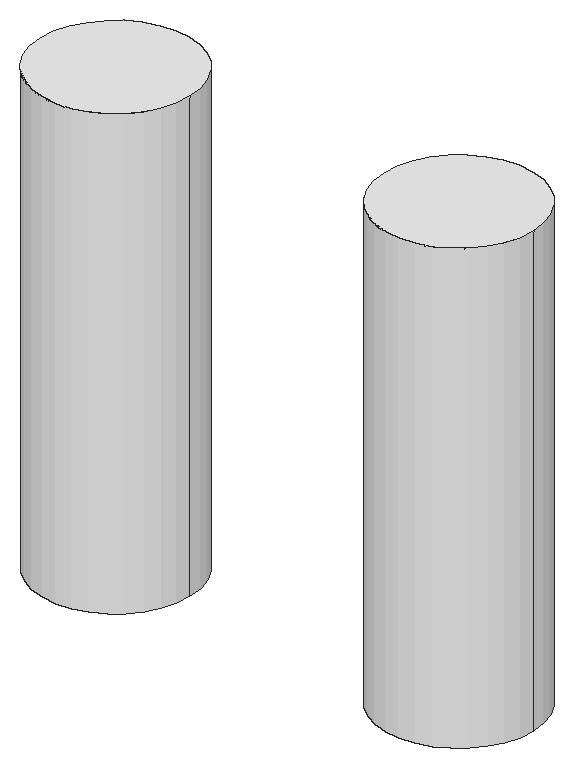
Revit family "523722670005(2022)", category Plumbing Fixtures, Revit 2020
Family settings
  Round Connector Dimension = Use Diameter
  Part Type = Normal
  OmniClass Number = 23.45.55.00
  OmniClass Title = Sanitary Faucets, Wastes
  Work Plane-Based = No
  Always vertical = Yes
  Cut with Voids When Loaded = No
  Shared = No
  Room Calculation Point = No
Parameters (values of type "523722670005 Washbasin faucet")
  Working Pressure = "50 - 1000 kPa"
  WarrantyStartDate [instance] = "n/a"
  WarrantyGuarantorParts = "n/a"
  WarrantyGuarantorLabor = "n/a"
  WarrantyDurationUnit = "Year"
  WarrantyDurationParts = "n/a"
  WarrantyDurationLabor = "n/a"
  WarrantyDescription = "http://warranty.hansa.com"
  Warranty Information URL = "http://warranty.hansa.com"
  VersionDate = "01/06/2023"
  Version = "1"  # constant formula
  ValvePattern = "n/a"
  ValveOperation = "n/a"
  ValveMechanism = "n/a"
  Uniclass2015Reference = "Pr_40_20_87_96"
  Uniclass2015Description = "Washbasin manual water supply sets"
  Uniclass2 = "Pr_40_30_96_96"
  URL UWL = "http://static.hansa.com/UWL/523722670005"
  URL REACH = "http://static.hansa.com/doc/reach"
  URL Materials Declaration = "http://www.hansa.com/fileadmin/resources/169263_523722670005_materialsdeclaration.pdf"
  URL Environmental Product Declaration EPD = "http://www.hansa.com/fileadmin/resources/181439_Oras Group EPD_Washbasin faucet.pdf"
  URL EcoLabel Declaration = "http://static.hansa.com/doc/EcoLabel"
  URL EU Packaging Declaration = "http://static.hansa.com/doc/packaging"
  URL Declaration of SCIP = "http://static.hansa.com/doc/SCIP"
  URL Declaration of Conformity = "http://static.hansa.com/DoC/523722670005"
  URL Declaration of Asbestos = "http://static.hansa.com/doc/asbestos"
  URL Declaration Of Performance (DOP) = "http://static.hansa.com/doc/DoP"
  URL = ""
  UNSPSC Class Number = "30181700 Faucets or taps"
  Type Comments = ""
  TestPressure = "n/a"
  Temperature Adjustments = "Limitation option for maximum temperature and flow-rate "
  Technical DataSheet URL = "http://www.hansa.com/datasheet/523722670005/en"
  TagNumber [instance] = "n/a"
  SustainabilityPerformance = "n/a"
  Surface treatment = "Chrome"
  Spout Type = "Fixed spout"
  Spout Projection = "114 mm"
  Spare-Part Information URL = "http://static.hansa.com/sp/523722670005"
  Size = "45x150x190 mm"
  Shape = "Sculptured"
  SerialNumber [instance] = "n/a"
  Sales Package dimensions (LxWxH) = "380 x 180 x 74"
  Revision = "n/a"
  ReplacementCost = "n/a"
  ProductInformation = "n/a"
  Product URL = "http://static.hansa.com/523722670005"
  Product Image URL = "http://static.hansa.com/image/523722670005"
  Product Family = "HANSAVANTIS Eco"
  Product Code = "523722670005"
  OperatingMechanismMaterial = "n/a"
  NominalWidth = 46.441 mm
  NominalHeight = 188.5 mm
  NominalDepth = 148.37 mm
  Noise Class = "I (ISO 3822)"
  Name_en = "523722670005 Washbasin faucet"
  Name = "523722670005 Washbasin faucet"
  NBSReference = "45-35-70/371"
  NBSDescription = "Water supply fittings for wash basins and troughs"
  Mounting Holes = "1 hole"
  ModelReference = "523722670005"
  ModelNumber = "n/a"
  Model = "523722670005 Washbasin faucet"
  Mobile Product Information URL = "http://mpi.hansa.com/523722670005"
  Mechanical Parts = "30Cartridge"
  Max. Hot Water Supply = 70 °C
  Material = "brassPlastic"
  Market = "International;Germany;Austria;Belgium;Netherlands;Czech Republic;Slovakia;Italy"
  ManufacturerURL = "http://www.hansa.com"
  ManufacturerName = "HANSA"
  Manufacturer = "HANSA"
  Lever Handle = "Single operating lever/handle;Pin shape;Hot/Cold symbols"
  Keynote = ""
  Interactive AR View URL = "https://static.hansa.com/AR/523722670005"
  InstallationDate [instance] = "n/a"
  Installation and Maintenance Guide URL = "http://static.hansa.com/manual/523722670005"
  Installation Type = "Deck mounted"
  InletConnectionSize = 10 mm
  IfcExportType = "FAUCET"  # constant formula
  IfcExportAs = "IfcValveType"  # constant formula
  Group = "Washbasin faucet"
  Grade = "n/a"
  FlowCoefficient = 0
  Flow Rate At 300kPa With Flow Controller = 0.07 L/s
  Flow Drawing URL = "http://static.hansa.com/flowchart/523722670005"
  Finish = "Polished"
  Features = "Single-lever"
  FaucetMainMaterial = Brass
  FDV Document URL = "http://www.hansa.com/datasheet/523722670005/en/fdv"
  ExpectedLife = "n/a"
  ETIM Class Number = "EC011328 Washbasin mixing tap"
  EN Standard = "EN 817"
  EAN Number = "4057304019951"
  DurationUnit = "Year"
  Dimension Drawing URL = "http://static.hansa.com/dimdrw/523722670005"
  Description = ""
  DefaultElevation [instance] = 900 mm
  Default Elevation = 0 mm
  Constituents = "n/a"
  Connection Size = "G3/8"
  Connection = "Flexible inlet pipes"
  Color = "Chrome"
  CodePerformance = "n/a"
  CloseOffRating = 0
  Catalog Drawing URL = "http://static.hansa.com/catdrw/523722670005"
  CO2 Emissions (D) = -5.5
  CO2 Emissions (C4) = 0.06
  CO2 Emissions (C3) = 0.02
  CO2 Emissions (C2) = 0.01
  CO2 Emissions (B7) = 1297.8
  CO2 Emissions (A4) = 0.21
  CO2 Emissions (A1-A3) = 7.74
  Brand = "HANSA"
  BodyMaterial = "Brass"
  Barcode [instance] = "n/a"
  Backflow Prevention EN1717 = "AA"
  BIMObjectName = "523722670005(2022)"
  Author = "BIMStone"
  AssetType = "Fixed"
  AssetIdentifier [instance] = "n/a"
  Aerator = "PCA® - constant flow rate regardless of pressure variations"
  Advanced Features = "Inner body made of DZR brass;3S-installation system for safe and simple mounting"
  AccessibilityPerformance = "n/a"
  3D View = "https://static.hansa.com/AR/523722670005"
  2D/3D/BIM Files URL = "http://static.hansa.com/bim/523722670005"
Reference planes
  plane 1 "Center (Front/Back)": y = 0
  plane 2: z = 0
  plane 3 "Center (Left/Right)": x = 0
  plane 4: x = -23.22
  plane 5: z = 900
  plane 6: z = 870
  plane 7: y = -148.37
  plane 8: x = 23.22
  plane 9: z = 1088.5
Forms (mm)
  Extrusion 1, solid, material "Brass" <- "FaucetMainMaterial"
    sketch origin (0, -0.77, 0) x (1, 0, 0) y (0, 1, 0)
      loop
        circle (-11.5, -22.5) r 5
      loop
        circle (11.5, -22.5) r 5
    from 870 to 900
Dimensions and locks
  "DefaultElevation": plane 5 to level
  locked: plane 5 to plane 6 at 30
  "NominalDepth": plane 7 to plane 1 "Center (Front/Back)"
  equal spacing: plane 4, plane 3 "Center (Left/Right)", plane 8
  "NominalHeight": plane 9 to plane 5
  "NominalWidth": plane 4 to plane 8
  "InletConnectionSize": diameter of Extrusion 1 sketch curve  (x2)
  aligned and locked: level to plane 2
  aligned and locked: plane 5 to Extrusion 1
  aligned and locked: Extrusion 1 to plane 6
  aligned and locked: plane 3 "Center (Left/Right)" to nested 1
  aligned and locked: plane 1 "Center (Front/Back)" to nested 1
  aligned and locked: plane 5 to nested 2
  aligned and locked: plane 9 to nested 2
Automatic sketch dimensions
  Extrusion 1 sketch curve to plane 3 "Center (Left/Right)" = 11.5 mm
  plane 3 "Center (Left/Right)" to Extrusion 1 sketch curve = 11.5 mm
  plane 1 "Center (Front/Back)" to Extrusion 1 sketch curve = 23.27 mm  (x2)
Nested families
  nested 1: "Symbol" at (0, 0, 0), type "Symbol", detail levels coarse
  nested 2: "523722670005(2022)_Body" at (0, 0, 900), main material <- "FaucetMainMaterial", type "523722670005(2022)_Body"
    with main material Brass
Connectors
  piping at (-11.5, -23.27, 870), diameter 10, driven by "InletConnectionSize"
    settings: on Extrusion 1, index 1, connector inside diameter 609.6 mm, connector length 0 mm, flow factor 0, pipe flow 0.2 L/s, pressure drop 0.0 Pa, fitting loss kfactor 0, connector angle 0.00°, fixture units 0, engagement length 0 mm, angle of deflection 0.00°, flow configuration 1, flow direction 1, fitting loss method 0, system type 19, joint type 0, gender type 0, connector reference index -1, connector utility 0, adjustable connector no, is connector primary yes, connector description ""
  piping at (11.5, -23.27, 870), diameter 10, driven by "InletConnectionSize"
    settings: on Extrusion 1, index 2, connector inside diameter 609.6 mm, connector length 0 mm, flow factor 0, pipe flow 0.2 L/s, pressure drop 0.0 Pa, fitting loss kfactor 0, connector angle 0.00°, fixture units 0, engagement length 0 mm, angle of deflection 0.00°, flow configuration 1, flow direction 1, fitting loss method 0, system type 20, joint type 0, gender type 0, connector reference index -1, connector utility 0, adjustable connector no, is connector primary no, connector description ""
Definition of nested family "Symbol"
  Reference planes
    plane 1: y = 0
    plane 2: x = 0
  Lines and regions (mm)
    detail lines
      curve 1: line (0, 0, 0) -> (0, -1.8, 0)
      curve 2: line (-0.4, -1.1, 0) -> (0.4, -1.1, 0)
      curve 3: line (-0.4, -1.4, 0) -> (0.4, -1.4, 0)
      curve 4: line (0.863, 0, 0) -> (-0.863, 0, 0)
      curve 5: circle (-1.163, 0, 0) r 0.3 normal (0, 0, -1)
      curve 6: circle (1.163, 0, 0) r 0.3 normal (0, 0, 1)
Definition of nested family "523722670005(2022)_Body"
  Parameters (values of type "2605AF(2022).p")
    main material [instance] = none
    Default Elevation = 0 mm
  Types (2): name
    2605AF(2022).p
    2605F(2022)Body
  Reference planes
    plane 1 "Center (Front/Back)": y = 0
    plane 2: z = 0
    plane 3 "Center (Left/Right)": x = 0
    plane 4: x = -23.265
    plane 5: x = 23.265
    plane 6: y = -148.456
    plane 7: z = 188.5
  Forms (mm)
    Revolve 1, solid, material <- "main material", detail levels medium
      sketch origin (0, 0, 0) x (0, 1, 0) y (0, 0, 1)
        loop
          line (-23.384, 188.5) -> (-23.384, 0) -> (0, 0) -> (0, 188.5) -> (-23.384, 188.5)
        axis (-23.384, 0) -> (-23.384, 188.5)
      angle from 0 to 360
    Revolve 2, solid, material <- "main material", detail levels medium
      sketch origin (0, 0, 2.5) x (0, 1, 0) y (0, 0, 1)
        loop
          line (-37.153, 125.674) -> (-41.564, 142.137) -> (-148.456, 109.457) -> (-143.476, 93.168) -> (-37.153, 125.674)
        axis (-36.585, 125.848) -> (-143.476, 93.168)
      angle from 0 to 360
    Extrusion 3, solid, material <- "main material", detail levels medium
      sketch origin (0, 0, 0) x (0, 1, 0) y (0, 0, 1)
        loop
          line (-110.885, 178.5) -> (-35.885, 178.5) -> (-35.885, 188.5) -> (-110.885, 188.5) -> (-110.885, 178.5)
      from -4.796 to 4.796
    Extrusion 4, solid, material <- "main material", detail levels coarse
      sketch origin (0, 0, 0) x (0, 1, 0) y (0, 0, 1)
        loop
          line (-148.456, 188.5) -> (-148.456, 0) -> (0, 0) -> (0, 188.5) -> (-148.456, 188.5)
      from -23.265 to 23.265
  Lines and regions (mm)
    symbolic lines, detail levels medium+fine
      curve 1: arc (0, 0, 0) -> (-20.142, -11.621, 0) -> (-20.161, -34.875, 0) r 23.265
      curve 2: line (-16.6, -53.181, 0) -> (-15.333, -133.171, 0)
      curve 3: arc (-15.333, -133.171, 0) -> (-10.842, -144.013, 0) -> (0, -148.503, 0) r 15.333
      curve 8: arc (-20.161, -34.875, 0) -> (-17.572, -43.871, 0) -> (-16.6, -53.181, 0) r 53.155
      curve 11: arc (0, 0, 0) -> (20.142, -11.621, 0) -> (20.161, -34.875, 0) r 23.265
      curve 12: line (16.6, -53.181, 0) -> (15.333, -133.171, 0)
      curve 13: arc (15.333, -133.171, 0) -> (10.842, -144.013, 0) -> (0, -148.503, 0) r 15.333
      curve 18: arc (20.161, -34.875, 0) -> (17.572, -43.871, 0) -> (16.6, -53.181, 0) r 53.155
      curve 67: line (0, 0, 0) -> (0, 0, 148.422)
      curve 68: arc (0, 0, 148.422) -> (0, -0.189, 148.851) -> (0, -0.634, 149) r 0.58
      curve 69: line (0, -0.634, 149) -> (0, -1.605, 149)
      curve 70: arc (0, -1.386, 149.269) -> (0, -2.584, 153.338) -> (0, -4.549, 157.097) r 21.749
      curve 71: arc (0, -1.605, 149) -> (0, -1.433, 149.083) -> (0, -1.386, 149.269) r 0.226
      curve 75: arc (0, -46.219, 150.976) -> (0, -46.536, 151.107) -> (0, -46.667, 151.423) r 0.447
      curve 76: arc (0, -44.968, 150.976) -> (0, -45.2, 150.13) -> (0, -45.354, 149.266) r 9.554
      curve 77: arc (0, -45.354, 149.266) -> (0, -45.306, 149.089) -> (0, -45.146, 149) r 0.236
      curve 78: line (0, -4.549, 157.097) -> (0, -0.332, 158.467)
      curve 79: arc (0, -0.332, 158.467) -> (0, -0.099, 158.632) -> (0, 0, 158.9) r 0.482
      curve 80: line (0, 0, 158.9) -> (0, 0, 187.012)
      curve 81: arc (0, 0, 187.012) -> (0, -0.456, 188.084) -> (0, -1.545, 188.5) r 1.489
      curve 82: line (0, -1.545, 188.5) -> (0, -108.914, 188.5)
      curve 83: spline (0, -108.914, 188.5) -> (0, -109.424, 188.323) -> (0, -109.9, 187.802) -> (0, -110.308, 186.974) -> (0, -110.621, 185.896) -> (0, -110.818, 184.639) -> (0, -110.885, 183.291) -> (0, -110.818, 181.943) -> (0, -110.621, 180.687) -> (0, -110.308, 179.608) -> (0, -109.9, 178.78) -> (0, -109.424, 178.26) -> (0, -108.914, 178.083)
      curve 84: line (0, -108.914, 178.083) -> (0, -51.936, 178.083)
      curve 85: arc (0, -51.936, 178.083) -> (0, -50.333, 177.962) -> (0, -48.766, 177.604) r 10.739
      curve 86: arc (0, -48.766, 177.604) -> (0, -47.549, 176.822) -> (0, -46.912, 175.524) r 2.695
      curve 87: arc (0, -46.912, 175.524) -> (0, -46.677, 173.915) -> (0, -46.573, 172.292) r 20.244
      curve 88: line (0, -46.573, 172.292) -> (0, -46.667, 151.423)
      curve 89: line (0, 0, 0) -> (0, -46.54, 0)
      curve 90: line (0, -46.54, 0) -> (0, -46.54, 90)
      curve 91: arc (0, -46.54, 90) -> (0, -51.18, 99.962) -> (0, -61.791, 102.82) r 13.014
      curve 92: line (0, -61.791, 102.82) -> (0, -118.241, 89.229)
      curve 93: arc (0, -118.241, 89.229) -> (0, -120.573, 89.113) -> (0, -122.786, 89.857) r 6.285
      curve 94: line (0, -122.786, 89.857) -> (0, -124.622, 91.346)
      curve 95: line (0, -124.622, 91.346) -> (0, -125.518, 89.999)
      curve 96: line (0, -125.518, 89.999) -> (0, -126.351, 90.553)
      curve 97: line (0, -126.351, 90.553) -> (0, -128.478, 87.353)
      curve 98: line (0, -128.478, 87.353) -> (0, -146.821, 99.547)
      curve 99: line (0, -146.821, 99.547) -> (0, -144.608, 102.876)
      curve 100: line (0, -144.608, 102.876) -> (0, -145.446, 103.433)
      curve 101: line (0, -145.446, 103.433) -> (0, -143.098, 106.966)
      curve 102: line (0, -143.098, 106.966) -> (0, -147.859, 110.961)
      curve 103: arc (0, -147.859, 110.961) -> (0, -148.317, 111.572) -> (0, -148.456, 112.323) r 1.677
      curve 104: arc (0, -148.456, 112.323) -> (0, -148.012, 113.267) -> (0, -147.031, 113.621) r 1.363
      curve 105: line (0, -147.031, 113.621) -> (0, -56.938, 137.762)
      curve 106: arc (0, -56.938, 137.762) -> (0, -51.208, 140.745) -> (0, -47.275, 145.87) r 14.923
      curve 107: arc (0, -46.219, 149) -> (0, -46.551, 148.878) -> (0, -46.725, 148.571) r 0.513
      curve 108: arc (0, -47.275, 145.87) -> (0, -46.841, 147.188) -> (0, -46.725, 148.571) r 5.91
      curve 112: line (0, -45.146, 149) -> (0, -46.219, 149)
      curve 113: line (0, -44.968, 150.976) -> (0, -46.219, 150.976)
    symbolic lines, detail levels fine
      curve 4: line (0, -110.885, 0) -> (-3.25, -110.885, 0)
      curve 5: arc (-3.25, -110.885, 0) -> (-4.651, -110.305, 0) -> (-5.231, -108.904, 0) r 1.981
      curve 6: line (-5.231, -108.904, 0) -> (-5.231, -53.904, 0)
      curve 7: arc (-5.231, -53.904, 0) -> (-6.961, -47.755, 0) -> (-11.642, -43.408, 0) r 11.797
      curve 9: arc (-20.161, -34.875, 0) -> (-16.464, -39.703, 0) -> (-11.642, -43.408, 0) r 23.265
      curve 10: arc (-11.642, -43.408, 0) -> (-6.027, -45.736, 0) -> (0, -46.531, 0) r 23.265
      curve 14: line (0, -110.885, 0) -> (3.25, -110.885, 0)
      curve 15: arc (3.25, -110.885, 0) -> (4.651, -110.305, 0) -> (5.231, -108.904, 0) r 1.981
      curve 16: line (5.231, -108.904, 0) -> (5.231, -53.904, 0)
      curve 17: arc (5.231, -53.904, 0) -> (6.961, -47.755, 0) -> (11.642, -43.408, 0) r 11.797
      curve 19: arc (20.161, -34.875, 0) -> (16.464, -39.703, 0) -> (11.642, -43.408, 0) r 23.265
      curve 20: arc (11.642, -43.408, 0) -> (6.027, -45.736, 0) -> (0, -46.531, 0) r 23.265
      curve 72: line (0, -4.549, 157.097) -> (0, -21.953, 151.442)
      curve 73: arc (0, -21.953, 151.442) -> (0, -23.41, 151.093) -> (0, -24.903, 150.976) r 9.533
      curve 74: line (0, -24.903, 150.976) -> (0, -44.968, 150.976)
      curve 109: arc (0, -46.54, 90) -> (0, -34.369, 118.249) -> (0, -35.071, 149) r 72.149
      curve 110: line (0, -1.605, 149) -> (0, -35.071, 149)
      curve 111: line (0, -35.071, 149) -> (0, -45.146, 149)
      curve 114: line (0, -126.351, 90.553) -> (0, -144.608, 102.876)
      curve 115: line (0, -143.098, 106.966) -> (0, -124.622, 91.346)
    symbolic lines
      curve 21: line (0, 0, 0) -> (-23.265, 0, 0)
      curve 22: line (-23.265, 0, 0) -> (-23.265, 0, 148.417)
      curve 23: arc (-23.265, 0, 148.417) -> (-23.118, 0, 148.806) -> (-22.75, 0, 149) r 0.588
      curve 24: line (-22.75, 0, 149) -> (-21.775, 0, 149)
      curve 25: line (-21.997, 0, 149.266) -> (-21.554, 0, 151.039)
      curve 26: arc (-21.775, 0, 149) -> (-21.954, 0, 149.077) -> (-21.997, 0, 149.266) r 0.214
      curve 27: line (-21.554, 0, 151.039) -> (0, 0, 151.039)
      curve 28: line (-21.554, 0, 151.039) -> (-22.795, 0, 151.039)
      curve 29: arc (-22.795, 0, 151.039) -> (-23.159, 0, 151.207) -> (-23.265, 0, 151.594) r 0.477
      curve 30: line (-23.265, 0, 151.594) -> (-23.265, 0, 187)
      curve 31: arc (-23.265, 0, 187) -> (-22.81, 0, 188.076) -> (-21.721, 0, 188.5) r 1.501
      curve 32: line (-21.721, 0, 188.5) -> (0, 0, 188.5)
      curve 33: arc (0, 0, 188.5) -> (-5.5, 0, 183) -> (0, 0, 177.5) r 5.5
      curve 34: arc (0, 0, 186.59) -> (-3.284, 0, 183.306) -> (0, 0, 180.023) r 3.284
      curve 35: arc (-11.549, 0, 188.5) -> (-10.096, 0, 177.413) -> (0, 0, 172.604) r 11.706
      curve 36: line (-15.281, 0, 102.555) -> (-16.268, 0, 120.327)
      curve 37: arc (-16.268, 0, 120.327) -> (-11.822, 0, 132.35) -> (0, 0, 137.309) r 16.091
      curve 38: arc (-11.829, 0, 93.398) -> (-14.259, 0, 97.711) -> (-15.281, 0, 102.555) r 16.29
      curve 39: spline (0, 0, 100.894) -> (-3.065, 0, 100.65) -> (-5.921, 0, 99.934) -> (-8.373, 0, 98.795) -> (-10.255, 0, 97.31) -> (-11.438, 0, 95.582) -> (-11.841, 0, 93.727) -> (-11.438, 0, 91.872) -> (-10.255, 0, 90.143) -> (-8.373, 0, 88.659) -> (-5.921, 0, 87.52) -> (-3.065, 0, 86.804) -> (0, 0, 86.56)
      curve 40: arc (-15.281, 0, 102.555) -> (-9.637, 0, 110.781) -> (0, 0, 113.36) r 14.389
      curve 41: line (0, 0, 0) -> (23.265, 0, 0)
      curve 42: line (23.265, 0, 0) -> (23.265, 0, 148.417)
      curve 43: arc (23.265, 0, 148.417) -> (23.118, 0, 148.806) -> (22.75, 0, 149) r 0.588
      curve 44: line (22.75, 0, 149) -> (21.785, 0, 149)
      curve 45: line (21.997, 0, 149.266) -> (21.554, 0, 151.039)
      curve 46: line (21.554, 0, 151.039) -> (0, 0, 151.039)
      curve 47: line (21.554, 0, 151.039) -> (22.795, 0, 151.039)
      curve 48: arc (22.795, 0, 151.039) -> (23.159, 0, 151.207) -> (23.265, 0, 151.594) r 0.477
      curve 49: line (23.265, 0, 151.594) -> (23.265, 0, 187)
      curve 50: arc (23.265, 0, 187) -> (22.81, 0, 188.076) -> (21.721, 0, 188.5) r 1.501
      curve 51: line (21.721, 0, 188.5) -> (0, 0, 188.5)
      curve 52: arc (0, 0, 188.5) -> (5.5, 0, 183) -> (0, 0, 177.5) r 5.5
      curve 53: arc (0, 0, 186.59) -> (3.284, 0, 183.306) -> (0, 0, 180.023) r 3.284
      curve 54: arc (11.549, 0, 188.5) -> (10.096, 0, 177.413) -> (0, 0, 172.604) r 11.706
      curve 55: line (15.281, 0, 102.555) -> (16.268, 0, 120.327)
      curve 56: arc (16.268, 0, 120.327) -> (11.822, 0, 132.35) -> (0, 0, 137.309) r 16.091
      curve 57: arc (11.829, 0, 93.398) -> (14.259, 0, 97.711) -> (15.281, 0, 102.555) r 16.29
      curve 58: spline (0, 0, 100.894) -> (3.065, 0, 100.65) -> (5.921, 0, 99.934) -> (8.373, 0, 98.795) -> (10.255, 0, 97.31) -> (11.438, 0, 95.582) -> (11.841, 0, 93.727) -> (11.438, 0, 91.872) -> (10.255, 0, 90.143) -> (8.373, 0, 88.659) -> (5.921, 0, 87.52) -> (3.065, 0, 86.804) -> (0, 0, 86.56)
      curve 59: arc (15.281, 0, 102.555) -> (9.637, 0, 110.781) -> (0, 0, 113.36) r 14.389
      curve 60: arc (21.785, 0, 149) -> (21.957, 0, 149.081) -> (21.997, 0, 149.266) r 0.214
      curve 61: line (-21.775, 0, 149) -> (0, 0, 149)
      curve 62: line (21.785, 0, 149) -> (0, 0, 149)
      curve 63: arc (-17.488, 0, 97.615) -> (0.012, 0, 80.115) -> (17.512, 0, 97.615) r 17.5
      curve 64: line (-17.488, 0, 97.615) -> (-17.488, 0, 127.615)
      curve 65: line (17.512, 0, 97.615) -> (17.512, 0, 127.615)
      curve 66: arc (17.512, 0, 127.615) -> (0.012, 0, 145.115) -> (-17.488, 0, 127.615) r 17.5
  Dimensions and locks
    aligned and locked: level to plane 2
